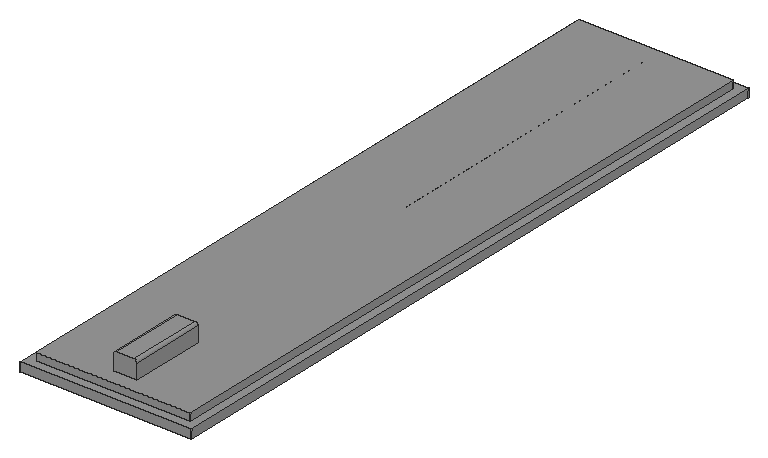
Revit family "63__LF_UN_Emilux_Turijn I_R17", category Lighting Fixtures, Revit 2017
Family settings
  Round Connector Dimension = Use Diameter
  Part Type = Normal
  Work Plane-Based = No
  Always vertical = Yes
  Cut with Voids When Loaded = Yes
  Light Source = Yes
  Shared = No
  Room Calculation Point = No
Parameters (values of type "LED 4050lm 4000K Ra80 (36W)")
  Wattage Comments = "36W"
  Wattage = 36 W
  built-in parameter 1150110 = 1 (stored number, unit not read)
  URL = "https://www.emilux.nl/en/product/turijn-i/"
  Type Comments = "Turijn 1195mm"
  built-in parameter 1114217 = 1 (stored number, unit not read)
  Tilt Angle = 90.00°
  built-in parameter 1150109 = 1 (stored number, unit not read)
  built-in parameter 1150134 = 12
  built-in parameter 1150113 = 1 (stored number, unit not read)
  Photometric Web File = "Emilux TURIJN 30X120 36W 4050Lm 4000K Ra80_LDT.ies"
  Model = "Turijn"
  Manufacturer = "EMILUX"
  built-in parameter 1150105 = 323.72 (stored number, unit not read)
  Lumens = 4068 lm
  built-in parameter 1150115 = 1 (stored number, unit not read)
  Luminaire Code [instance] = ""
  built-in parameter 1150137 = (empty or 0)
  built-in parameter 1150139 = (empty or 0)
  built-in parameter 1150112 = 1 (stored number, unit not read)
  built-in parameter 1150114 = 1 (stored number, unit not read)
  Lamp = "LED"
  LED Driver = yes
  built-in parameter 1150132 = (empty or 0)
  built-in parameter 1150102 = (empty or 0)
  built-in parameter 1150107 = 4000 (stored number, unit not read)
  built-in parameter 1150138 = (empty or 0)
  built-in parameter 1150106 = 3.2372 (stored number, unit not read)
  IfcExportType = "POINTSOURCE"
  IfcExportAs = "IfcLightFixtureType"
  Emit from Line Length = 1153 mm
  built-in parameter 1150104 = 10.498 (stored number, unit not read)
  Dimming Lamp Color Temperature Shift = <None>
  Description = "Turijn I LED 4050lm 4000K Ra80 (36W)"
  Cost = 0
  Content Creator = "IVLighting"  # constant formula
  Color Filter = 16777215
  built-in parameter 1114218 = 1 (stored number, unit not read)
  built-in parameter 1150133 = 10 (stored number, unit not read)
  Assembly Code = "63.0"
  Article Number = "1TI12036840"
  Apparent Load = 36 VA
Types (2, lengths in mm): name | built-in parameter 1150134 | Photometric Web File | LED Driver | built-in parameter 1150107 | Cost
  LED 4050lm 4000K Ra80 (36W) | 12 | "Emilux TURIJN 30X120 36W 4050Lm 4000K Ra80_LDT.ies" | yes | 4000 (stored number, unit not read) | 0
  LED 4000lm 3000K Ra80 (36W) | (empty or 0) | "Emilux TURIJN 30X120 36W 4000Lm 3000K Ra80_LDT.ies" | no | 3000 (stored number, unit not read) | 150
Reference planes
  plane 1 "Center (Front/Back)": y = 0
  plane 2: z = 0
  plane 3 "Center (Left/Right)": y = -0.06
Forms (mm)
  Extrusion 1, solid, material "UHMW, White"
    sketch origin (0.034, 596.391, 0) x (1, 0, 0) y (0, 1, 0)
      loop
        arc (-146.5, 0) -> (-147.207, -0.293) -> (-147.5, -1) r 1
        line (-147.5, -1) -> (-147.5, -1194)
        arc (-147.5, -1194) -> (-147.207, -1194.707) -> (-146.5, -1195) r 1
        line (-146.5, -1195) -> (146.5, -1195)
        arc (146.5, -1195) -> (147.207, -1194.707) -> (147.5, -1194) r 1
        line (147.5, -1194) -> (147.5, -1)
        arc (147.5, -1) -> (147.207, -0.293) -> (146.5, 0) r 1
        line (146.5, 0) -> (-146.5, 0)
      loop
        line (-40, -577.5) -> (40, -577.5) -> (40, -20) -> (-40, -20) -> (-40, -577.5)
      loop
        line (-40, -615.5) -> (-40, -1173) -> (40, -1173) -> (40, -615.5) -> (-40, -615.5)
    from 0 to 15
  Extrusion 2, solid, material "UHMW, White"
    sketch origin (0.034, 597.391, 14) x (1, 0, 0) y (0, 1, 0)
      loop
        arc (-131.5, -15) -> (-132.207, -15.293) -> (-132.5, -16) r 1
        line (-132.5, -16) -> (-132.5, -1179)
        arc (-132.5, -1179) -> (-132.207, -1179.707) -> (-131.5, -1180) r 1
        line (-131.5, -1180) -> (131.5, -1180)
        arc (131.5, -1180) -> (132.207, -1179.707) -> (132.5, -1179) r 1
        line (132.5, -1179) -> (132.5, -16)
        arc (132.5, -16) -> (132.207, -15.293) -> (131.5, -15) r 1
        line (131.5, -15) -> (-131.5, -15)
    from 1 to 14
  Extrusion 3, solid, material "UHMW, White Gloss"
    sketch origin (0.034, 589.254, 0) x (1, 0, 0) y (0, 0, 1)
      loop
        arc (-40, 0.604) -> (-39.821, 0.177) -> (-39.391, 0.004) r 0.6
        arc (-39.391, 0.004) -> (-21.827, 4.059) -> (-7.5, 15) r 42.708
        line (-7.5, 15) -> (7.5, 15)
        arc (7.5, 15) -> (21.84, 4.053) -> (39.421, 0.004) r 42.708
        arc (39.421, 0.004) -> (39.83, 0.169) -> (40, 0.576) r 0.572
        line (40, 0.576) -> (40, 20) -> (-40, 20) -> (-40, 0.604)
    from 12.8 to 570.3
  Extrusion 4, solid, material "Glass, White, High Luminance"
    sketch origin (0.034, -0.109, 0) x (1, 0, 0) y (0, 0, 1)
      loop
        line (-8.019, 14.403) -> (8.019, 14.403)
        arc (8.019, 14.403) -> (7.758, 14.7) -> (7.5, 15) r 42.708
        line (7.5, 15) -> (0, 15) -> (-7.5, 15)
        arc (-7.5, 15) -> (-7.758, 14.7) -> (-8.019, 14.403) r 42.708
    from -576.5 to -19
  Extrusion 5, solid, material "Glass, White, High Luminance"
    sketch origin (0.034, -0.109, 0) x (1, 0, 0) y (0, 0, -1)
      loop
        arc (-8.019, -14.403) -> (-7.758, -14.7) -> (-7.5, -15) r 42.708
        line (-7.5, -15) -> (0, -15) -> (7.5, -15)
        arc (7.5, -15) -> (7.758, -14.7) -> (8.019, -14.403) r 42.708
        line (8.019, -14.403) -> (-8.019, -14.403)
    from -576.5 to -19
  Extrusion 6, solid, material "UHMW, White Gloss"
    sketch origin (0.034, -589.472, 0) x (1, 0, 0) y (0, 0, -1)
      loop
        line (-40, -0.604) -> (-40, -20) -> (40, -20) -> (40, -0.576)
        arc (40, -0.576) -> (39.83, -0.169) -> (39.421, -0.004) r 0.572
        arc (39.421, -0.004) -> (21.84, -4.053) -> (7.5, -15) r 42.708
        line (7.5, -15) -> (-7.5, -15)
        arc (-7.5, -15) -> (-21.827, -4.059) -> (-39.391, -0.004) r 42.708
        arc (-39.391, -0.004) -> (-39.821, -0.177) -> (-40, -0.604) r 0.6
    from 12.8 to 570.3
  Extrusion 7, void
    sketch origin (-149.966, 599.906, 0) x (1, 0, 0) y (0, 0, 1)
      loop
        line (2.5, -2.588) -> (297.5, -2.588) -> (297.5, 58) -> (2.5, 58) -> (2.5, -2.588)
    from 17.516 to 1198.516
Dimensions and locks
  aligned and locked: level to plane 2
Nested families
  nested 1: "Emilux_Turijn_Driver_R17" at (0.034, -426.609, 28), visible <- "LED Driver", type "Tridonic Led Driver"
  nested 2: "Luminaire_Symbol_EmiLux" at (-149.966, 599.906, 0), type "Luminaire_Symbol_EmiLux"
Connectors
  electrical at (0.097, -0.124, 0), driven by "Apparent Load"
    settings: index 2, voltage 230 V, apparent load 0 VA, apparent load phase1 36 VA, apparent load phase2 0 VA, apparent load phase3 0 VA, power factor 1, load classification "Other", number of poles 1, system type 31, power factor state 1, is connector primary yes, connector utility no, sub classification motor no, connector description ""
Definition of nested family "Emilux_Turijn_Driver_R17"
  Parameters (values of type "Tridonic Led Driver")
    URL = "https://www.emilux.nl/en/product/turijn-i/"
    Model = "LC35/800/44 FixC SR ADV2"
    Manufacturer = "Tridonic"
    Description = "LC35/800/44 FixC SR ADV2"
    Content Creator = "IVLighting"  # constant formula
    Assembly Code = "63.0"
    Article Number = "87500866"
  Reference planes
    plane 1 "Center (Front/Back)": y = 0
    plane 2: z = 0
    plane 3 "Center (Left/Right)": x = 0
  Forms (mm)
    Extrusion 1, solid
      sketch origin (0, 0, 0) x (1, 0, 0) y (0, 0, 1)
        loop
          line (-20, 0) -> (20, 0) -> (20, 25)
          arc (20, 25) -> (18.536, 28.536) -> (15, 30) r 5
          line (15, 30) -> (-15, 30)
          arc (-15, 30) -> (-18.536, 28.536) -> (-20, 25) r 5
          line (-20, 25) -> (-20, 0)
      from 0 to 130
  Dimensions and locks
    aligned and locked: level to plane 2
Definition of nested family "Luminaire_Symbol_EmiLux"
  Reference planes
    plane 1: y = 0
    plane 2: x = 0
  Lines and regions (mm)
    detail lines
      curve 1: line (3, -12, 0) -> (3, 0, 0)
      curve 2: line (0, 0, 0) -> (3, 0, 0)
      curve 3: line (0, -12, 0) -> (3, -12, 0)
      curve 4: line (0, 0, 0) -> (0, -12, 0)
  Dimensions and locks
    curve 3 to curve 2 = 12 mm
